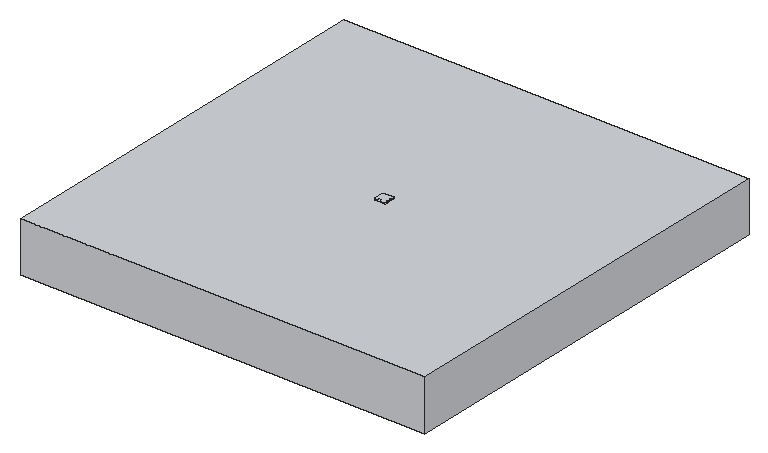
Revit family "Gira_018500", category Allgemeines Modell, Revit 2017
Family settings
  Basisbauteil = Fläche
  Kann Basisbauteil für Bewehrung sein = Nein
  Bemaßung runder Anschluss = Durchmesser verwenden
  Teiletyp = Normal
  Beim Laden mit Abzugskörper schneiden = Nein
  Gemeinsam genutzt = Nein
  Raumberechnungspunkt = Nein
Parameters
  With memory function = no
  With glass breaking detector connection = no
  With brightness sensor connection = no
  With Astro program = no
  Default Elevation = 1219.2 mm
  URL = "https://www.gira.de/"
  Typname = "Bus coup.btn 2-g 2-point KNX insert"
  Type of fastening = "Mounting with claw and screw"
  Transparent = no
  Switch-off protection = no
  Surface protection = "Other"
  Surface finishing = "Not applicable"
  Suitable for wind sensor = no
  Suitable for rain sensor = no
  Suitable for degree of protection (IP) = "IP20"
  Substation input = no
  Random generator = no
  Radio frequent bidirectional = no
  Productwebsite = "http://katalog.gira.de/en/datenblatt.html?artikelnr=018500"
  Other bus systems = "None"
  Nominal voltage [Volt] = 230
  Mounting method = "Flush mounted (plaster)"
  Max. switching power [Voltampere] = 1000
  Material quality = "Other"
  Material = "Other"
  Integrated timer = no
  Hersteller = "Gira"
  Halogen free = no
  HAN = "018500"
  GTIN = "4010337185000"
  Frequency [Hz] = "[50:50]"
  Data sheet = "https://katalog.gira.de/en/download.html?artikelnr=018500"
  Colour = "Other"
  Bus system radio frequent = no
  Bus system Powernet = no
  Bus system LON = no
  Bus system KNX radio = no
  Bus system KNX = yes
  Beschreibung = "Ins.b.cpl.btn 2g 2-pt KNX,Insert for KNX bus coupler button, 2-gang with 2-point operation,,,The bus coupler button is the interface between the KNX system and the user.,,Features:,- The rockers, 2-gang of the flush-mounted design lines can be inserted on the bus coupler button, 2-gang with two-point operation (upright rocker).,- The bus coupler button, 2-gang with two-point operation can be used to realise the functions switching (pressing), blind, dimming with stop telegram and dimming with cyclical transmission.,,Notes :,- Suitable for claw mounting.,- Please use System 55 adapter frame and cover for Gira TX_44 design line, IP20.,- Integration in the Gira F100 design line is not possible.,- Integration in Gira F100 not possible."
  BIM = "https://media.stage.bim.site/public/gira/ad86d9f/Einsatz_1fach.rfa"
  Assembly arrangement = "Basic element"
Reference planes
  plane 1 "Center (Front/Back)": y = 0
  plane 2: z = 0
  plane 3 "Center (Left/Right)": x = 0
Forms (mm)
  Extrusion 1, solid
    sketch origin (0, 0, 0) x (1, 0, 0) y (0, 1, 0)
      loop
        line (-1219.2, 1219.2) -> (-1219.2, -1219.2) -> (1219.2, -1219.2) -> (1219.2, 1219.2) -> (-1219.2, 1219.2)
    from 0 to -304.8
  Extrusion 2, solid, detail levels fine
    sketch origin (0, 0, 0) x (1, 0, 0) y (0, 1, 0)
      loop
        line (27.475, 35.475) -> (-27.475, 35.475)
        arc (-27.475, 35.475) -> (-33.132, 33.132) -> (-35.475, 27.475) r 8
        line (-35.475, 27.475) -> (-35.475, -27.475)
        arc (-35.475, -27.475) -> (-33.132, -33.132) -> (-27.475, -35.475) r 8
        line (-27.475, -35.475) -> (27.475, -35.475)
        arc (27.475, -35.475) -> (33.132, -33.132) -> (35.475, -27.475) r 8
        line (35.475, -27.475) -> (35.475, 27.475)
        arc (35.475, 27.475) -> (33.132, 33.132) -> (27.475, 35.475) r 8
    from 0 to 1.8
  Extrusion 3, solid, detail levels fine
    sketch origin (0, 0, 0) x (1, 0, 0) y (0, 1, 0)
      loop
        line (9.678, 25.4) -> (-9.678, 25.4)
        arc (-9.678, 25.4) -> (-12.885, 24.922) -> (-15.814, 23.53) r 11
        arc (-15.814, 23.53) -> (-17.795, 22.07) -> (-19.641, 20.444) r 28.35
        arc (-19.641, 20.444) -> (-21.339, 18.665) -> (-22.876, 16.745) r 28.35
        arc (-22.876, 16.745) -> (-24.456, 13.666) -> (-25, 10.248) r 11
        line (-25, 10.248) -> (-25, -10.248)
        arc (-25, -10.248) -> (-24.456, -13.666) -> (-22.876, -16.745) r 11
        arc (-22.876, -16.745) -> (-20.409, -19.677) -> (-17.569, -22.25) r 28.35
        line (-17.569, -22.25) -> (17.569, -22.25)
        arc (17.569, -22.25) -> (20.409, -19.677) -> (22.876, -16.745) r 28.35
        arc (22.876, -16.745) -> (24.456, -13.666) -> (25, -10.248) r 11
        line (25, -10.248) -> (25, 10.248)
        arc (25, 10.248) -> (24.456, 13.666) -> (22.876, 16.745) r 11
        arc (22.876, 16.745) -> (21.593, 18.37) -> (20.195, 19.897) r 28.35
        arc (20.195, 19.897) -> (18.096, 21.823) -> (15.814, 23.53) r 28.35
        arc (15.814, 23.53) -> (12.885, 24.922) -> (9.678, 25.4) r 11
    from 0 to -22
  Extrusion 4, solid, detail levels medium
    sketch origin (0, 0, 0) x (1, 0, 0) y (0, 1, 0)
      loop
        line (-25, 25.4) -> (-25, -22.25) -> (25, -22.25) -> (25, 25.4) -> (-25, 25.4)
    from 0 to -22
  Extrusion 5, solid, detail levels coarse
    sketch origin (0, 0, 0) x (1, 0, 0) y (0, 1, 0)
      loop
        line (35.475, 35.475) -> (-35.475, 35.475) -> (-35.475, -35.475) -> (35.475, -35.475) -> (35.475, 35.475)
    from -22 to 1.8
  Extrusion 6, solid, detail levels medium
    sketch origin (0, 0, 0) x (1, 0, 0) y (0, 1, 0)
      loop
        line (35.475, 35.475) -> (-35.475, 35.475) -> (-35.475, -35.475) -> (35.475, -35.475) -> (35.475, 35.475)
    from 0 to 1.8
Dimensions and locks
  aligned and locked: plane 2 to Extrusion 1
  aligned and locked: level to Extrusion 1
Connectors
  electrical at (0, 0, -22)
    settings: on Extrusion 5, index 1, voltage 220 V, apparent load 0 VA, apparent load phase1 0 VA, apparent load phase2 0 VA, apparent load phase3 0 VA, power factor 1, load classification "Other", number of poles 1, system type 30, power factor state 1, is connector primary yes, connector utility no, sub classification motor no, connector description ""
